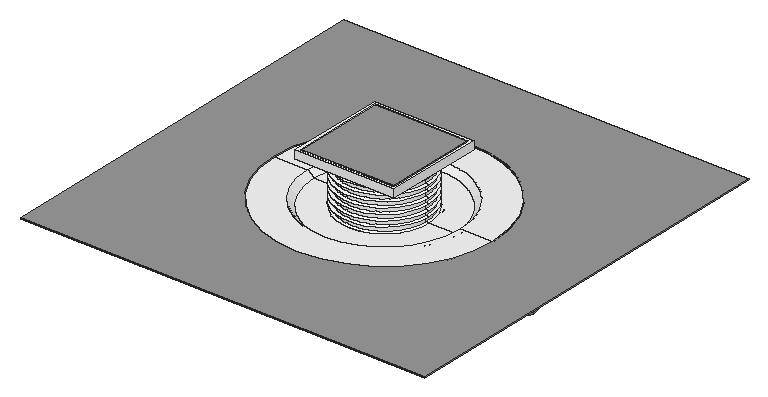
Revit family "HL_Трап для внутренних помещений_HL90PrblueD", category Instalační zařizovací předměty, Revit 2020
Family settings
  Kóta kulaté spojky = Použít průměr
  Typ dílu = Normální
  Číslo OmniClass = 23.70.50.21.24.14
  Nadpis OmniClass = Deck Waste Water Drains
  Založené na pracovní rovině = Ne
  Vždy vertikální = Ano
  Ořezat dutým tvarem při načtení = Ne
  Sdílené = Ano
  Bod výpočtu místnosti = Ano
Parameters (values of type "HL90PrblueD")
  РЕШЁТКА = "Edelstahl 115x115mm"
  РАЗМЕР = "DN40"
  ПРОПУСКНАЯ СПОСОБНОСТЬ = 0.4 L/s
  ПРОИЗВОДИТЕЛЬНОСТЬ = "0,40 l/s"
  ПРАВОВАЯ ИНФОРМАЦИЯ = "Авторские права(©), права на дизайн или какие либо другие права интелектуальной собственности являются исключительной собственностью компании HL Hutterer & Lechner. Изменению не подлежит. Файл семейства с данными о прозводителе изделия защищен паролем с водяным знаком."  # constant formula
  НОМИНАЛЬНЫЙ ДИАМЕТР = 40 mm
  НАСАДКА = "2-70mm/123mmx123mm"
  МАТЕРИАЛ = "ABS/PE"
  МАКСИМАЛЬНАЯ НАГРУЗКА КЛАССА = "K3 - 300 kg"
  ВЫСОТА МОНТАЖА = "71 mm"
  ВЕС = "0,835 [kg]"
  Výchozí výška = 0 mm
  Přípoj ventilace = no
  Výrobce = "HL Hutterer & Lechner GmbH"  # constant formula
  URL = "https://www.hutterer-lechner.com/ru/Products/catalog/Floor-drains/horizontal/without-flange/HL90PrblueD.aspx"
  Přípoj odpadních dílů = yes
  Přípoj HW = no
  Popis = "Трапы для внутренних помещений"
  Model = "HL90PrblueD"
  Komentáře k typům = "Трап с горизонтальным выпуском, с сухим сифоном Primus blue и перфорированным фланцем"
  Keynote = "HL90PrblueD"
  Высота монтажа [instance] = 129 mm
  EAN = "9003076050543"
  DN_test [instance] = if(НОМИНАЛЬНЫЙ ДИАМЕТР = 40 mm, 30 mm, 0 mm)  # 30 mm
  Přípoj CW = no
  B [instance] = Высота монтажа - 27.5 mm  # 101.5 mm
  A [instance] = if(B - 100 mm > 15 mm, B - 100 mm, 15 mm)  # 15 mm
Reference planes
  plane 1 "Center (Front/Back)": y = 0
  plane 2: z = 0
  plane 3 "Center (Left/Right)": x = 0
  plane 4 "Ball Joint Vertical": x = 25.45
  plane 5: z = -129
  plane 6: z = -101.5
Lines and regions (mm)
  model lines, style "InvisibleLines"
    curve 1: line (0, 0, 0) -> (0, 0, 1000)
  reference lines
    curve 2: line (0, 0, -101.5) -> (184.5, 0, -101.5)
  model lines, detail levels coarse+medium
    curve 3: line (0, 0, -101.5) -> (0, 0, -86.5)
    curve 4: line (0, 0, -86.5) -> (86.5, 0, 0)
    curve 5: line (0, 0, -86.5) -> (-86.5, 0, 0)
    curve 23: line (0, 0, -101.5) -> (178.25, 0, -101.5)
  symbolic lines, detail levels coarse+medium
    curve 6: line (-75, 75, 0) -> (75, 75, 0)
    curve 7: line (-75, -75, 0) -> (-75, 75, 0)
    curve 8: line (75, -75, 0) -> (-75, -75, 0)
    curve 9: line (75, 75, 0) -> (75, -75, 0)
    curve 10: line (75, 75, 0) -> (145.711, 145.711, 0)
    curve 11: line (75, -75, 0) -> (145.711, -145.711, 0)
    curve 12: line (-75, 75, 0) -> (-145.711, 145.711, 0)
    curve 13: line (-75, -75, 0) -> (-145.711, -145.711, 0)
  symbolic lines, not visible, detail levels coarse+medium
    curve 14: line (-75, 75, 0) -> (75, 75, 0)
    curve 15: line (-75, -75, 0) -> (-75, 75, 0)
    curve 16: line (75, -75, 0) -> (-75, -75, 0)
    curve 17: line (75, 75, 0) -> (75, -75, 0)
    curve 18: line (75, 75, 0) -> (145.711, 145.711, 0)
    curve 19: line (75, -75, 0) -> (145.711, -145.711, 0)
    curve 20: line (-75, 75, 0) -> (-145.711, 145.711, 0)
    curve 21: line (-75, -75, 0) -> (-145.711, -145.711, 0)
  symbolic lines, style "InvisibleLines", not visible
    curve 22: line (0, 0, 0) -> (0, 0, -30)
Text (mm)
  text "ПОЛ" at (-198.233, 0, -26.556), in view "Drain Construction View"
Dimensions and locks
  locked: plane 4 "Ball Joint Vertical" to plane 3 "Center (Left/Right)" at 25.45
  "Высота монтажа": plane 2 to plane 5
  "A": curve 5 to plane 6
  "B": curve 5 to plane 6
  "B": curve 4 to plane 6
  "B": plane 2 to plane 6
  "DN_test": curve 22 to curve 22
  locked: curve 4 to plane 3 "Center (Left/Right)" (angle 45.00°)
  locked: plane 3 "Center (Left/Right)" to curve 5 (angle 45.00°)
  aligned and locked: level to plane 2
  aligned and locked: plane 2 to curve 1
  aligned and locked: plane 3 "Center (Left/Right)" to curve 1
  aligned and locked: plane 3 "Center (Left/Right)" to curve 2
  aligned and locked: plane 3 "Center (Left/Right)" to curve 3
  aligned and locked: curve 3 to curve 2
  aligned and locked: plane 3 "Center (Left/Right)" to curve 5
  aligned and locked: nested 4 to plane 5
Automatic sketch dimensions
  curve 2 to plane 6 = 0 mm
  plane 4 "Ball Joint Vertical" to curve 2 = 159.05 mm
  plane 4 "Ball Joint Vertical" to curve 23 = 152.8 mm
  level to curve 1 = 1000 mm
Nested families
  nested 1: "HL_Насадка_HL037N.2E" at (0, 0, 0), type "HL037N.2E_Main Component"
    with Высота монтажа 70 mm, RN 11, RL 71.5 mm, R yes, NL_Test yes, NL 90 mm
  nested 2: "HL_Вкладыш сифона_HL090.5E" at (0, 0, -5.497), type "HL090.5E_Main Component"
  nested 3: "HL_Решётка_HL037Pr.1E" at (0, 0, 0), type "HL037Pr.1E_Main Component"
  nested 4: "HL_Корпус для трапа внутренних помещений_HL90KD" at (0, 0, -58.8), type "HL90KD_Main Component"
Connectors
  piping at (184.5, 0, -101.5), diameter 40, driven by "ПРОПУСКНАЯ СПОСОБНОСТЬ", driven by "НОМИНАЛЬНЫЙ ДИАМЕТР"
    settings: on curve 2, index 1, connector inside diameter 609.6 mm, connector length 0 mm, flow factor 0, pipe flow 0.4 L/s, pressure drop 0.0 Pa, fitting loss kfactor 0, connector angle 0.00°, fixture units 0, engagement length 0 mm, angle of deflection 0.00°, flow configuration 1, flow direction 2, fitting loss method 0, system type 16, joint type 0, gender type 0, connector reference index -1, connector utility 0, adjustable connector yes, is connector primary yes, connector description ""
Definition of nested family "HL_Насадка_HL037N.2E"
  Parameters (values of type "HL037N.2E")
    РАЗМЕР = "d 110 mm"
    ПРАВОВАЯ ИНФОРМАЦИЯ = "Авторские права(©), права на дизайн или какие либо другие права интелектуальной собственности являются исключительной собственностью компании HL Hutterer & Lechner. Изменению не подлежит. Файл семейства с данными о прозводителе изделия защищен паролем с водяным знаком."  # constant formula
    НАСАДКА = "123x123mm"
    МАТЕРИАЛ = "PP"
    Высота монтажа [instance] = 70 mm
    ВЫСОТА МОНТАЖА = "12-70mm"
    ВЕС = "0,08 [kg]"
    Waste Connection = yes
    Default Elevation = 0 mm
    Vent Connection = no
    RD = 6.5 mm  # constant formula
    R [instance] = ((Высота монтажа - NL_Min) / RD - 1) > 2  # yes
    RL [instance] = if(Высота монтажа < 18 mm, 1 mm, RD * RN)  # 71.5 mm
    NL_Test [instance] = and(or(Высота монтажа < NL_Max, Высота монтажа = NL_Max), or(Высота монтажа > NL_Min, Высота монтажа = NL_Min))  # yes
    NL_Min = 12 mm
    NL_Max = 70 mm
    NL [instance] = if(NL_Test, Высота монтажа + 20 mm, 0 mm)  # 90 mm
    RN [instance] = if((Высота монтажа + 20 mm - NL_Min) / RD - 1 < 2, 2, (Высота монтажа + 20 mm - NL_Min) / RD - 1)  # 11
    Manufacturer = "HL Hutterer & Lechner GmbH"  # constant formula
    URL = "http://www.hutterer-lechner.com/ru/products/catalog/floor-drains/attachments/HL037pr.11e.aspx"
    HW Connection = no
    Description = "Трапы для внутренних помещений - Комплектующие"
    Model = "HL037N.2E"
    Type Comments = "HL037N.2E Насадные подрамники d 110мм/90мм/123х123мм с О-кольцом"
    Keynote = "HL037N.2E"
    EAN = "9003076015290"
    CW Connection = no
  Reference planes
    plane 1 "Center (Front/Back)": y = 0
    plane 2: z = 0
    plane 3 "Center (Left/Right)": x = 0
    plane 4 "Ball Joint Vertical": x = 25.45
    plane 5: z = -90
  Forms (mm)
    Extrusion 1, solid, detail levels fine
      sketch origin (0, 0, 0) x (1, 0, 0) y (0, 1, 0)
        loop
          line (-61.5, 61.5) -> (-61.5, -61.5) -> (61.5, -61.5) -> (61.5, 61.5) -> (-61.5, 61.5)
      from -10 to 0
    Extrusion 2, solid, detail levels fine
      sketch origin (0, 0, 0) x (1, 0, 0) y (0, 1, 0)
        loop
          circle (0, 0) r 51.744
      from -90 to -10
    Extrusion 3, void
      sketch origin (0, 0, 0) x (1, 0, 0) y (0, 1, 0)
        loop
          line (-57.5, 57.5) -> (-57.5, -57.5) -> (57.5, -57.5) -> (57.5, 57.5) -> (-57.5, 57.5)
      from 0 to -8
  Cuts and joins
    Extrusion 3 cuts Extrusion 1
  Lines and regions (mm)
    symbolic lines
      curve 1: line (0, 0, -90) -> (0, 0, 0)
    model lines
      curve 2: line (0, 0, 0) -> (0, 0, 100)
  Text (mm)
    text "ROOF/FLOOR" at (-198.233, 0, -26.556), in view "Drain Construction View"
  Dimensions and locks
    locked: plane 4 "Ball Joint Vertical" to plane 3 "Center (Left/Right)" at 25.45
    "NL": plane 2 to plane 5
    equal spacing: group 1, group 3, group 4, group 5, group 6, group 7, group 8, group 9, group 10, group 11, group 2  (x3)
    "RL": nested 2 to nested 1
    locked: nested 1 to plane 5 at 1.516
    aligned and locked: level to plane 2
    aligned and locked: plane 3 "Center (Left/Right)" to nested 1
    aligned and locked: plane 1 "Center (Front/Back)" to nested 1
    aligned and locked: plane 2 to curve 1
    aligned and locked: plane 5 to curve 1
    aligned and locked: Extrusion 2 to plane 5
  Automatic sketch dimensions
    Extrusion 1 sketch curve to plane 3 "Center (Left/Right)" = 61.5 mm
    plane 4 "Ball Joint Vertical" to Extrusion 1 sketch curve = 36.05 mm
    plane 1 "Center (Front/Back)" to Extrusion 1 sketch curve = 61.5 mm
    Extrusion 1 sketch curve to plane 1 "Center (Front/Back)" = 61.5 mm
    plane 1 "Center (Front/Back)" to Extrusion 2 sketch curve = 0 mm
    Extrusion 2 sketch curve to plane 3 "Center (Left/Right)" = 0 mm
    Extrusion 3 sketch curve to plane 3 "Center (Left/Right)" = 57.5 mm
    plane 4 "Ball Joint Vertical" to Extrusion 3 sketch curve = 32.05 mm
    plane 1 "Center (Front/Back)" to Extrusion 3 sketch curve = 57.5 mm
    Extrusion 3 sketch curve to plane 1 "Center (Front/Back)" = 57.5 mm
    curve 2 to plane 3 "Center (Left/Right)" = 0 mm
    level to curve 2 = 100 mm
    radius of Extrusion 2 sketch curve = 51.744 mm
  Nested families
    nested 1: "Ring" at (0, 0, -88.484), visible <- "R", type "Ring"
    nested 2: "Ring" at (0, 0, -16.984), visible <- "R", type "Ring"
    nested 3: "Ring" at (0, 0, -81.334), visible <- "R", type "Ring"
    nested 4: "Ring" at (0, 0, -74.184), visible <- "R", type "Ring"
    nested 5: "Ring" at (0, 0, -67.034), visible <- "R", type "Ring"
    nested 6: "Ring" at (0, 0, -59.884), visible <- "R", type "Ring"
    nested 7: "Ring" at (0, 0, -52.734), visible <- "R", type "Ring"
    nested 8: "Ring" at (0, 0, -45.584), visible <- "R", type "Ring"
    nested 9: "Ring" at (0, 0, -38.434), visible <- "R", type "Ring"
    nested 10: "Ring" at (0, 0, -31.284), visible <- "R", type "Ring"
    nested 11: "Ring" at (0, 0, -24.134), visible <- "R", type "Ring"
  Definition of nested family "Ring"
    Parameters (values of type "Ring")
      Manufacturer = ""
      Default Elevation = 0 mm
      URL = ""
      R = D / 2  # 51.5 mm
      Description = ""
      Model = ""
      Material = none
      Type Comments = ""
      D = 103 mm
      Cost = 0
    Reference planes
      plane 1 "Střed (vpředu/vzadu)": y = 0
      plane 2: z = 0
      plane 3 "Střed (vlevo/vpravo)": x = 0
    Forms (mm)
      Revolve 1, solid, material <- "Material", detail levels fine
        sketch origin (0, 0, 0) x (1, 0, 0) y (0, 0, 1)
          loop
            line (-51.5, 1.482) -> (-54.764, 0) -> (-51.5, -1.516) -> (-51.5, 1.482)
          axis (0, 1.482) -> (0, -1.516)
        angle from 0 to 360
    Dimensions and locks
      "R": Revolve 1 sketch curve to plane 3 "Střed (vlevo/vpravo)"
      aligned and locked: level to plane 2
      aligned and locked: Revolve 1 sketch curve to plane 3 "Střed (vlevo/vpravo)"
    Automatic sketch dimensions
      Revolve 1 sketch curve to level = 0 mm
      Revolve 1 sketch curve to Revolve 1 sketch curve = 3.264 mm
      Revolve 1 sketch curve to level = 1.516 mm
      level to Revolve 1 sketch curve = 1.482 mm
      Revolve 1 sketch curve to level = 381 mm
      Revolve 1 sketch curve to Revolve 1 sketch curve = 2212.833 mm
Definition of nested family "HL_Вкладыш сифона_HL090.5E"
  Parameters (values of type "HL090.5E_Main Component")
    ПРАВОВАЯ ИНФОРМАЦИЯ = "Авторские права(©), права на дизайн или какие либо другие права интелектуальной собственности являются исключительной собственностью компании HL Hutterer & Lechner. Изменению не подлежит. Файл семейства с данными о прозводителе изделия защищен паролем с водяным знаком."  # constant formula
    МАТЕРИАЛ = "PC/ABS"
    ВЕС = "0,11 [kg]"
    Waste Connection = yes
    Default Elevation = 0 mm
    Vent Connection = no
    Manufacturer = "HL Hutterer & Lechner GmbH"  # constant formula
    URL = "https://www.hutterer-lechner.com/ru/Products/catalog/Floor-drains/attachments/HL090.5E.aspx"
    HW Connection = no
    Description = "Трапы для внутренних помещений - Комплектующие"
    Model = "HL090.5E"
    Type Comments = "СУХОЙ сифон Primus blue"
    Keynote = "HL090.5E"
    EAN = "9003076050567"
    CW Connection = no
  Reference planes
    plane 1 "Center (Front/Back)": y = 0
    plane 2: z = 0
    plane 3 "Center (Left/Right)": x = 0
    plane 4 "Ball Joint Vertical": x = 25.45
  Forms (mm)
    Revolve 1, solid, detail levels fine
      sketch origin (0, 0, 0) x (0, 1, 0) y (0, 0, 1)
        loop
          line (-44.7, 0) -> (-53, 0) -> (-53, -2) -> (-49.228, -2) -> (-49.228, -13.214) -> (-46.721, -13.214) -> (-46.721, -20.152) -> (0, -20.152) -> (0, -18.268) -> (-32.15, -18.268) -> (-44.7, -18.268) -> (-44.7, 0)
        axis (0, 0) -> (0, -20.152)
      angle from 0 to 360
    Extrusion 2, solid, detail levels fine
      sketch origin (0, 0, 0) x (1, 0, 0) y (0, 1, 0)
        loop
          line (34.626, 31.41) -> (-34.626, 31.41)
          arc (-34.626, 31.41) -> (-46.75, 0) -> (-34.626, -31.41) r 46.75
          line (-34.626, -31.41) -> (34.626, -31.41)
          arc (34.626, -31.41) -> (46.721, 0) -> (34.626, 31.41) r 46.834
      from -20.152 to -57
    Revolve 3, solid, detail levels fine
      sketch origin (0, 0, 0) x (0, 1, 0) y (0, 0, 1)
        loop
          arc (-49.228, -6.728) -> (-50.709, -8.655) -> (-49.228, -10.583) r 1.995
          line (-49.228, -10.583) -> (-49.228, -6.728)
        axis (0, -6.728) -> (0, -10.583)
      angle from 0 to 360
    Revolve 4, solid, detail levels fine
      sketch origin (0, 0, 0) x (0, 1, 0) y (0, 0, 1)
        loop
          line (0, -18.268) -> (0, 0) -> (-33.004, -1.346) -> (-33.004, -3.231) -> (-32.15, -3.231) -> (-32.15, -18.268) -> (0, -18.268)
        axis (0, 0) -> (0, -18.268)
      angle from 0 to 360
  Text (mm)
    text "ROOF/FLOOR" at (-198.233, 0, -26.556), in view "Drain Construction View"
  Dimensions and locks
    locked: plane 4 "Ball Joint Vertical" to plane 3 "Center (Left/Right)" at 25.45
    aligned and locked: level to plane 2
    aligned and locked: Extrusion 2 to Revolve 1
Definition of nested family "HL_Решётка_HL037Pr.1E"
  Parameters (values of type "HL037Pr.1E")
    РАЗМЕР = "115x115mm"
    ПРАВОВАЯ ИНФОРМАЦИЯ = "Авторские права(©), права на дизайн или какие либо другие права интелектуальной собственности являются исключительной собственностью компании HL Hutterer & Lechner. Изменению не подлежит. Файл семейства с данными о прозводителе изделия защищен паролем с водяным знаком."  # constant formula
    МАТЕРИАЛ = "V2A"
    МАКСИМАЛЬНАЯ НАГРУЗКА КЛАССА = "K3 - 300 kg"
    ВЕС = "0,15 [kg]"
    Waste Connection = yes
    Default Elevation = 0 mm
    Vent Connection = no
    Manufacturer = "HL Hutterer & Lechner GmbH"  # constant formula
    URL = "http://www.hutterer-lechner.com/ru/products/catalog/floor-drains/attachments/HL037pr.1e.aspx"
    HW Connection = no
    Description = "Трапы для внутренних помещений - Комплектующие"
    Model = "HL037Pr.1E"
    Type Comments = "HL037Pr.1E Решётка из нержавеющей стали 115х115 мм"
    Keynote = "HL037Pr.1E"
    EAN = "9003076028474"
    CW Connection = no
  Reference planes
    plane 1 "Center (Front/Back)": y = 0
    plane 2: z = 0
    plane 3 "Center (Left/Right)": x = 0
    plane 4 "Ball Joint Vertical": x = 25.45
  Forms (mm)
    Extrusion 1, solid, detail levels fine
      sketch origin (0, 0, 0) x (1, 0, 0) y (0, 1, 0)
        loop
          line (57.5, 57.5) -> (-57.5, 57.5) -> (-57.5, -57.5) -> (57.5, -57.5) -> (57.5, 57.5)
      from 0 to -5
  Lines and regions (mm)
    model lines, detail levels fine
      curve 1: spline (-13.927, 0, 0) -> (-13.452, 1.165, 0) -> (-12.061, 2.25, 0) -> (-9.848, 3.182, 0) -> (-6.964, 3.897, 0) -> (-3.605, 4.347, 0) -> (0, 4.5, 0) -> (3.605, 4.347, 0) -> (6.964, 3.897, 0) -> (9.848, 3.182, 0) -> (12.061, 2.25, 0) -> (13.452, 1.165, 0) -> (13.927, 0, 0) -> (13.452, -1.165, 0) -> (12.061, -2.25, 0) -> (9.848, -3.182, 0) -> (6.964, -3.897, 0) -> (3.605, -4.347, 0) -> (0, -4.5, 0) -> (-3.605, -4.347, 0) -> (-6.964, -3.897, 0) -> (-9.848, -3.182, 0) -> (-12.061, -2.25, 0) -> (-13.452, -1.165, 0) -> (-13.927, 0, 0)
      curve 2: line (-5.9, 0.4, 0) -> (-11.9, 0.4, 0)
      curve 3: line (-3.65, -2, 0) -> (-3.65, 2, 0)
      curve 4: arc (-3.65, 2, 0) -> (-3.15, 2.5, 0) -> (-2.65, 2, 0) r 0.5
      curve 5: line (-2.65, 2, 0) -> (-2.65, 0.5, 0)
      curve 6: line (-2.65, 0.5, 0) -> (-0.65, 0.5, 0)
      curve 7: line (-0.65, 0.5, 0) -> (-0.65, 2, 0)
      curve 8: arc (-0.65, 2, 0) -> (-0.15, 2.5, 0) -> (0.35, 2, 0) r 0.5
      curve 9: line (0.35, 2, 0) -> (0.35, -2, 0)
      curve 10: arc (0.35, -2, 0) -> (-0.15, -2.5, 0) -> (-0.65, -2, 0) r 0.5
      curve 11: line (-0.65, -2, 0) -> (-0.65, -0.5, 0)
      curve 12: line (-0.65, -0.5, 0) -> (-2.65, -0.5, 0)
      curve 13: line (-2.65, -0.5, 0) -> (-2.65, -2, 0)
      curve 14: arc (-2.65, -2, 0) -> (-3.15, -2.5, 0) -> (-3.65, -2, 0) r 0.5
      curve 15: line (1.85, -2, 0) -> (1.85, 2, 0)
      curve 16: arc (1.85, 2, 0) -> (1.996, 2.354, 0) -> (2.35, 2.5, 0) r 0.5
      curve 17: arc (2.35, 2.5, 0) -> (2.704, 2.354, 0) -> (2.85, 2, 0) r 0.5
      curve 18: line (2.85, 2, 0) -> (2.85, -1, 0)
      curve 19: arc (2.85, -1, 0) -> (2.996, -1.354, 0) -> (3.35, -1.5, 0) r 0.5
      curve 20: line (3.35, -1.5, 0) -> (4.35, -1.5, 0)
      curve 21: arc (4.35, -1.5, 0) -> (4.85, -2, 0) -> (4.35, -2.5, 0) r 0.5
      curve 22: line (4.35, -2.5, 0) -> (2.35, -2.5, 0)
      curve 23: arc (2.35, -2.5, 0) -> (1.996, -2.354, 0) -> (1.85, -2, 0) r 0.5
      curve 24: line (12.1, 0.4, 0) -> (6.1, 0.4, 0)
      curve 25: line (-5.9, -0.4, 0) -> (-11.9, -0.4, 0)
      curve 26: line (12.1, -0.4, 0) -> (6.1, -0.4, 0)
      curve 27: line (-5.9, 0.4, 0) -> (-5.9, -0.4, 0)
      curve 28: line (-11.9, 0.4, 0) -> (-11.9, -0.4, 0)
      curve 29: line (6.1, 0.4, 0) -> (6.1, -0.4, 0)
      curve 30: line (12.1, 0.4, 0) -> (12.1, -0.4, 0)
      curve 31: arc (38.029, -24.059, 0) -> (45, 0, 0) -> (38.029, 24.059, 0) r 45
      curve 32: arc (38.029, 24.059, 0) -> (35.09, 25.896, 0) -> (31.82, 24.749, 0) r 4
      curve 33: arc (31.82, 24.749, 0) -> (30.673, 22.362, 0) -> (31.268, 19.782, 0) r 4
      curve 34: arc (31.268, 19.782, 0) -> (37, 0, 0) -> (31.268, -19.782, 0) r 37
      curve 35: arc (31.268, -19.782, 0) -> (30.673, -22.362, 0) -> (31.82, -24.749, 0) r 4
      curve 36: arc (31.82, -24.749, 0) -> (35.09, -25.896, 0) -> (38.029, -24.059, 0) r 4
      curve 37: arc (24.059, 38.029, 0) -> (0, 45, 0) -> (-24.059, 38.029, 0) r 45
      curve 38: arc (-24.059, 38.029, 0) -> (-25.896, 35.09, 0) -> (-24.749, 31.82, 0) r 4
      curve 39: arc (-24.749, 31.82, 0) -> (-22.362, 30.673, 0) -> (-19.782, 31.268, 0) r 4
      curve 40: arc (-19.782, 31.268, 0) -> (0, 37, 0) -> (19.782, 31.268, 0) r 37
      curve 41: arc (19.782, 31.268, 0) -> (22.362, 30.673, 0) -> (24.749, 31.82, 0) r 4
      curve 42: arc (24.749, 31.82, 0) -> (25.896, 35.09, 0) -> (24.059, 38.029, 0) r 4
      curve 43: arc (24.059, -38.029, 0) -> (0, -45, 0) -> (-24.059, -38.029, 0) r 45
      curve 44: arc (-24.059, -38.029, 0) -> (-25.896, -35.09, 0) -> (-24.749, -31.82, 0) r 4
      curve 45: arc (-24.749, -31.82, 0) -> (-22.362, -30.673, 0) -> (-19.782, -31.268, 0) r 4
      curve 46: arc (-19.782, -31.268, 0) -> (0, -37, 0) -> (19.782, -31.268, 0) r 37
      curve 47: arc (19.782, -31.268, 0) -> (22.362, -30.673, 0) -> (24.749, -31.82, 0) r 4
      curve 48: arc (24.749, -31.82, 0) -> (25.896, -35.09, 0) -> (24.059, -38.029, 0) r 4
      curve 49: arc (-38.029, -24.059, 0) -> (-45, 0, 0) -> (-38.029, 24.059, 0) r 45
      curve 50: arc (-38.029, 24.059, 0) -> (-35.09, 25.896, 0) -> (-31.82, 24.749, 0) r 4
      curve 51: arc (-31.82, 24.749, 0) -> (-30.673, 22.362, 0) -> (-31.268, 19.782, 0) r 4
      curve 52: arc (-31.268, 19.782, 0) -> (-37, 0, 0) -> (-31.268, -19.782, 0) r 37
      curve 53: arc (-31.268, -19.782, 0) -> (-30.673, -22.362, 0) -> (-31.82, -24.749, 0) r 4
      curve 54: arc (-31.82, -24.749, 0) -> (-35.09, -25.896, 0) -> (-38.029, -24.059, 0) r 4
    model lines
      curve 55: line (0, 0, 0) -> (0, 0, 100)
  Text (mm)
    text "ROOF/FLOOR" at (-198.233, 0, -26.556), in view "Drain Construction View"
  Dimensions and locks
    locked: plane 4 "Ball Joint Vertical" to plane 3 "Center (Left/Right)" at 25.45
    aligned and locked: level to plane 2
Definition of nested family "HL_Корпус для трапа внутренних помещений_HL90KD"
  Parameters (values of type "HL90KD")
    РАЗМЕР = "DN40"
    ПРАВОВАЯ ИНФОРМАЦИЯ = "Авторские права(©), права на дизайн или какие либо другие права интелектуальной собственности являются исключительной собственностью компании HL Hutterer & Lechner. Изменению не подлежит. Файл семейства с данными о прозводителе изделия защищен паролем с водяным знаком."  # constant formula
    МАТЕРИАЛ = "ABS/PE"
    ВЫСОТА МОНТАЖА = "69 mm"
    ВЕС = "0,27 [kg]"
    Waste Connection = yes
    Default Elevation = 0 mm
    Vent Connection = no
    Manufacturer = "HL Hutterer & Lechner GmbH"  # constant formula
    URL = "http://www.hutterer-lechner.com/ru/Products/catalog/floor-drains/attachments/HL90KD.aspx"
    HW Connection = no
    Description = "Трапы для внутренних помещений - Комплектующие"
    Model = "HL90KD"
    Type Comments = "HL90KD Корпус трапа с фланцем, покрытым синтетическим полотном, DN40"
    Keynote = "HL90KD"
    EAN = "9003076029532"
    CW Connection = no
  Reference planes
    plane 1 "Center (Front/Back)": y = 0
    plane 2: z = 0
    plane 3 "Center (Left/Right)": x = 0
    plane 4 "Ball Joint Vertical": x = 25.45
  Forms (mm)
    Revolve 1, solid, detail levels fine
      sketch origin (0, 0, 0) x (1, 0, 0) y (0, 0, 1)
        loop
          line (-57.85, -11.7) -> (-57.85, -54.7)
          arc (-57.85, -54.7) -> (-55.068, -61.418) -> (-48.35, -64.2) r 9.5
          line (-48.35, -64.2) -> (-37.502, -64.2)
          arc (-37.502, -64.2) -> (-33.124, -68.428) -> (-27.302, -70.2) r 13
          line (-27.302, -70.2) -> (0, -70.2) -> (0, -67.7) -> (-26.671, -67.7)
          arc (-26.671, -67.7) -> (-32.256, -66.137) -> (-35.99, -61.7) r 9.841
          line (-35.99, -61.7) -> (-47.738, -61.7)
          arc (-47.738, -61.7) -> (-53.064, -59.867) -> (-55.341, -54.715) r 7.04
          line (-55.341, -54.715) -> (-55.341, -8) -> (-87.003, -8) -> (-94.003, -1) -> (-135, -1) -> (-135, -3.7) -> (-96.536, -3.7) -> (-88.536, -11.7) -> (-57.85, -11.7)
        axis (0, -1) -> (0, -70.2)
      angle from 0 to 360
    Extrusion 2, solid, detail levels fine
      sketch origin (0, 0, 0) x (1, 0, 0) y (0, 1, 0)
        loop
          line (250, 250) -> (-250, 250) -> (-250, -250) -> (250, -250) -> (250, 250)
        loop
          circle (0, 0) r 135
      from -1 to 0
    Revolve 3, solid, detail levels fine
      sketch origin (0, 0, 0) x (1, 0, 0) y (0, 0, 1)
        loop
          line (94, -66.7) -> (94, -61.7) -> (44, -61.7) -> (44, -64.2) -> (84, -64.2) -> (84, -66.7) -> (94, -66.7)
        axis (94, -42.7) -> (44, -42.7)
      angle from 0 to 360
    Revolve 4, solid, detail levels fine
      sketch origin (0, 0, 0) x (1, 0, 0) y (0, 0, 1)
        loop
          line (184.5, -22.7) -> (118.175, -22.7)
          arc (118.175, -22.7) -> (109.455, -17.144) -> (99.3, -15.2) r 27.5
          line (99.3, -15.2) -> (92.5, -15.2) -> (92.5, -18.7) -> (107.315, -18.7) -> (118.5, -24.9) -> (184.5, -24.9) -> (184.5, -22.7)
        axis (92.5, -42.7) -> (184.5, -42.7)
      angle from 0 to 360
    Revolve 5, void
      sketch origin (0, 0, 0) x (1, 0, 0) y (0, 0, 1)
        loop
          line (0, -13.884) -> (-55.341, -13.884) -> (-55.341, -54.715)
          arc (-55.341, -54.715) -> (-53.077, -59.881) -> (-47.738, -61.7) r 7
          line (-47.738, -61.7) -> (0, -61.7) -> (0, -54.715) -> (0, -13.884)
        axis (0, -13.884) -> (0, -61.7)
      angle from 0 to 360
    Revolve 6, void
      sketch origin (0, 0, 0) x (1, 0, 0) y (0, 0, 1)
        loop
          line (92.5, -42.7) -> (92.5, -23.7) -> (37.5, -23.7) -> (37.5, -42.7) -> (92.5, -42.7)
        axis (92.5, -42.7) -> (37.5, -42.7)
      angle from 0 to 360
  Cuts and joins
    Revolve 5, Revolve 6 cuts Revolve 3
    Revolve 6 cuts Revolve 1
  Text (mm)
    text "ROOF/FLOOR" at (-198.233, 0, -26.556), in view "Drain Construction View"
  Dimensions and locks
    locked: plane 4 "Ball Joint Vertical" to plane 3 "Center (Left/Right)" at 25.45
    aligned and locked: level to plane 2
